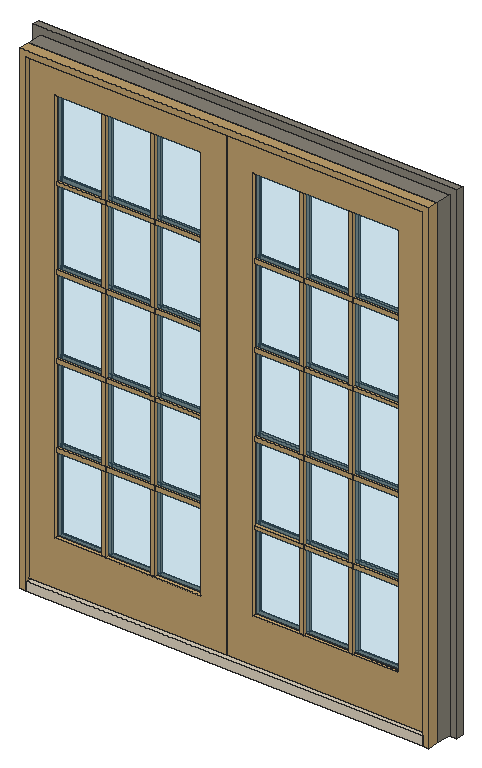
Revit family (continued)
Definition of nested family "Door_Plan_Detail"
  Dimensions and locks (in)
    aligned and locked: nested 2 to plane 3
    aligned and locked: nested 4 to plane 1 "Center (Front/Back)"
    aligned and locked: plane 1 "Center (Front/Back)" to nested 3
    aligned and locked: plane 7 to nested 4
    aligned and locked: plane 3 to nested 3
    aligned and locked: plane 7 to nested 6
    aligned and locked: nested 6 to plane 1 "Center (Front/Back)"
    aligned and locked: plane 3 to nested 5
    aligned and locked: plane 1 "Center (Front/Back)" to nested 5
    aligned and locked: Masking region 1 sketch curve to plane 5
    aligned and locked: Masking region 1 sketch curve to plane 3
    aligned and locked: Masking region 2 sketch curve to plane 6
    aligned and locked: Masking region 2 sketch curve to plane 7
    aligned and locked: Masking region 2 to Masking region 1 sketch curve
    aligned and locked: Masking region 1 sketch curve to Masking region 2
    aligned and locked: nested 7 to plane 5
    aligned and locked: plane 4 to nested 7
    aligned and locked: nested 8 to plane 6
    aligned and locked: nested 8 to plane 4
    aligned and locked: nested 9 to plane 5
    aligned and locked: nested 9 to plane 4
  Automatic sketch dimensions
    Masking region 2 sketch curve to plane 7 = 0' - 0"
  Nested families (in)
    nested 1: "Jamb_Detail" at (-90.5625, -3.9375, 0), type "Jamb_Detail", in view "Ref. Level", detail levels fine
    nested 2: "Jamb_Detail" at (-17.9375, -3.9375, 0) x (-1, 0, 0) z (0, 0, 1), type "Jamb_Detail", in view "Ref. Level", detail levels fine
    nested 3: "Flat_Casing_Detail" at (-17.9375, -3.9375, 0) x (0, 1, 0) z (0, 0, 1), visible <- "Flat Casing", type "Flat_Casing_Detail", in view "Ref. Level", detail levels fine
    nested 4: "Flat_Casing_Detail" at (-90.5625, -3.9375, 0) x (0, 1, 0) z (0, 0, 1), visible <- "Flat Casing", type "Flat_Casing_Detail", in view "Ref. Level", detail levels fine
    nested 5: "BMC_Detail" at (-17.9375, -3.9375, 0) x (0, 1, 0) z (0, 0, 1), visible <- "BMC", type "BMC_Detail", in view "Ref. Level", detail levels fine
    nested 6: "BMC_Detail" at (-90.5625, -3.9375, 0) x (0, 1, 0) z (0, 0, 1), visible <- "BMC", type "BMC_Detail", in view "Ref. Level", detail levels fine
    nested 7: "Panel_Swing_Detail" at (0, 0, 0), Swing Angle <- "P1_LH Swing", Mtg Stile <- "P1_LH Astragal", visible <- "P1_LH", type "Door_Plan_Detail", in view "Ref. Level"
      with Swing Visibility yes, Swing Constraint 90.00°, Swing Angle 90.00°, Mtg Stile no
    nested 8: "Panel_Swing_Detail" at (-108.5, 0, 0) x (-1, 0, 0) z (0, 0, 1), Swing Angle <- "P2_Swing", Mtg Stile <- "P2_RH Astragal", type "Door_Plan_Detail", in view "Ref. Level"
      with Swing Visibility yes, Swing Constraint 90.00°, Swing Angle 90.00°, Mtg Stile yes
    nested 9: "Panel_Swing_Detail" at (-73.3125, 0, 0) x (-1, 0, 0) z (0, 0, 1), Swing Angle <- "P1_RH Swing", visible <- "P1_RH", type "Door_Plan_Detail", in view "Ref. Level"
      with Swing Visibility yes, Swing Constraint 90.00°, Swing Angle 90.00°, Mtg Stile no
  Definition of nested family "Jamb_Detail"
    Parameters (values of type "Jamb_Detail")
      Flange Visibility = no
      Assembly Code = ""
    Reference planes (in)
      plane 1 "Center (Front/Back)": y = 0
      plane 2: z = 0
      plane 3 "Center (Left/Right)": x = 0
    Lines and regions (in)
      Masking region 1, in view "Ref. Level"
        outline origin (0, 0, 0) x (1, 0, 0) y (0, 1, 0)
          loop
            line (0, 1.09375) -> (0, -4.5625) -> (1.06374, -4.5625) -> (1.06374, -2.18631) -> (1.77792, -2.18631)
            arc (1.77792, -2.18631) -> (1.63018, -0.9546) -> (1.51551, 0.28062) r 46.27589
            line (1.51551, 0.28062) -> (0.93767, 0.28062) -> (0.93767, 0.3871) -> (0.67848, 0.3871) -> (0.67848, 1.09375) -> (0, 1.09375)
      detail lines, style "Cut Lines", in view "Ref. Level", visible <- "Flange Visibility"
        curve 1: line (0, 0.045, 0) -> (-1.49897, 0.045, 0)
        curve 2: line (-0.155, 0, 0) -> (-1.49897, 0, 0)
        curve 3: line (-0.155, 0, 0) -> (-0.155, -0.11, 0)
        curve 4: line (0, -0.11, 0) -> (-0.155, -0.11, 0)
        curve 5: line (-1.49897, 0, 0) -> (-1.49897, 0.045, 0)
  Definition of nested family "Flat_Casing_Detail"
    Parameters (values of type "Flat_Casing_Detail")
      Assembly Code = ""
    Reference planes (in)
      plane 1 "Center (Front/Back)": y = 0
      plane 2: z = 0
      plane 3 "Center (Left/Right)": x = 0
    Lines and regions (in)
      detail lines, style "Cut Lines", in view "Ref. Level"
        curve 1: line (-1.09375, 3, 0) -> (0, 3, 0)
        curve 2: line (0, 0, 0) -> (-1.09375, 0, 0)
        curve 3: line (-1.09375, 0, 0) -> (-1.09375, 3, 0)
        curve 4: line (0, 0, 0) -> (0, 3, 0)
  Definition of nested family "BMC_Detail"
    Parameters (values of type "BMC_Detail")
      Assembly Code = ""
    Reference planes (in)
      plane 1 "Center (Front/Back)": y = 0
      plane 2: z = 0
      plane 3 "Center (Left/Right)": x = 0
    Lines and regions (in)
      detail lines, style "Cut Lines", in view "Ref. Level"
        curve 1: line (-1.25, 0.71589, 0) -> (-1.25, 1.3125, 0)
        curve 2: line (-1.25, 1.3125, 0) -> (0, 1.3125, 0)
        curve 3: line (0, 0, 0) -> (-1.09375, 0, 0)
        curve 4: line (-1.09375, 0, 0) -> (-1.09375, 0.38081, 0)
        curve 5: line (-1.09375, 0.38081, 0) -> (-1.25, 0.71589, 0)
        curve 6: line (0, 0, 0) -> (0, 1.3125, 0)
  Definition of nested family "Panel_Swing_Detail"
    Parameters (values of type "Door_Plan_Detail")
      Swing Visibility [instance] = not(Swing Angle < 3.00°)  # yes
      Swing Constraint [instance] = if(Swing Angle < 3.00°, 3.00°, Swing Angle)  # 90.00°
      Swing Angle [instance] = 90.00°
      Panel Width = 2' - 11 1/16"
      Mtg Stile [instance] = yes
      Assembly Code = ""
    Reference planes (in)
      plane 1: z = 0
      plane 2: y = 0.09375
      plane 3: x = -19.125
      plane 4: x = -54.1875
    Lines and regions (in)
      reference lines, in view "Ref. Level"
        curve 1: line (-19.125, 0.09375, 0) -> (-19.125, 35.15625, 0)
      detail lines, style "InvisibleLines", in view "Ref. Level", not visible
        curve 2: line (-19.125, 0.09375, 0) -> (-19.125, 35.15625, 0)
      detail lines, in view "Ref. Level", visible <- "Swing Visibility"
        curve 3: arc (-54.1875, 0.09375, 0) -> (-43.91793, 24.88668, 0) -> (-19.125, 35.15625, 0) r 35.0625
    Dimensions and locks (in)
      "Panel Width": curve 1 to curve 1
      "Panel Width": plane 4 to plane 3
      "Panel Width": curve 1 to curve 2
      "Swing Angle": angle nested 1 to plane 2
      "Swing Constraint": angle curve 1 to plane 2
      aligned and locked: plane 2 to curve 1
      aligned and locked: plane 3 to curve 1
      aligned and locked: curve 2 to curve 1  (x2)
      aligned and locked: plane 2 to curve 3
    Automatic sketch dimensions
      curve 3 to plane 4 = 0' - 0"
      curve 2 to plane 2 = 0' - 0"
    Nested families (in)
      nested 1: "Panel_Detail" at (-19.125, 0.09375, 0) x (0, -1, 0) z (0, 0, 1), Mtg Stile <- "Mtg Stile", type "Panel_Detail", in view "Ref. Level"
    Definition of nested family "Panel_Detail"
      Parameters (values of type "Panel_Detail")
        Panel Width = 2' - 11 1/16"
        Mtg Stile [instance] = yes
        Assembly Code = ""
      Reference planes (in)
        plane 1 "Center (Front/Back)": y = 0
        plane 2: z = 0
        plane 3 "Right": x = 0
        plane 4 "Left": x = -35.0625
      Lines and regions (in)
        Masking region 1, in view "Ref. Level", detail levels coarse+medium
          outline origin (0, 0, 0) x (1, 0, 0) y (0, 1, 0)
            loop
              line (-35.0625, 0) -> (-35.0625, -1.75) -> (0, -1.75) -> (0, 0) -> (-35.0625, 0)
        detail lines, style "Cut Lines", in view "Ref. Level", detail levels fine
          curve 1: line (-30.97475, -1.26859, 0) -> (-4.08775, -1.26859, 0)
          curve 2: line (-30.97475, -1.14359, 0) -> (-4.08775, -1.14359, 0)
          curve 3: line (-30.97475, -0.64359, 0) -> (-4.08775, -0.64359, 0)
          curve 4: line (-30.97475, -0.51859, 0) -> (-4.08775, -0.51859, 0)
      Dimensions and locks (in)
        "Panel Width": plane 4 "Left" to plane 3 "Right"
        locked: Masking region 1 sketch curve to plane 1 "Center (Front/Back)" at 1.75
        locked: nested 1 to plane 1 "Center (Front/Back)" at 1.75
        locked: nested 3 to plane 1 "Center (Front/Back)" at 1.75
        locked: nested 2 to plane 1 "Center (Front/Back)" at 1.75
        aligned and locked: plane 1 "Center (Front/Back)" to Masking region 1 sketch curve
        aligned and locked: Masking region 1 sketch curve to plane 4 "Left"
        aligned and locked: Masking region 1 sketch curve to plane 3 "Right"
        aligned and locked: plane 4 "Left" to nested 1
        aligned and locked: nested 2 to plane 3 "Right"
        aligned and locked: plane 4 "Left" to nested 3
      Automatic sketch dimensions
        plane 1 "Center (Front/Back)" to curve 4 = 0' - 0.51859"
        curve 4 to plane 4 "Left" = 0' - 4.08775"
        curve 2 to curve 4 = 0' - 0"
        curve 3 to curve 4 = 0' - 0"
        curve 1 to curve 2 = 0' - 0"  (x2)
        plane 1 "Center (Front/Back)" to curve 3 = 0' - 0.64359"
        curve 3 to plane 3 "Right" = 0' - 4.08775"
        curve 2 to curve 3 = 0' - 0"
        curve 4 to curve 3 = 0' - 0"
        curve 2 to curve 3 = 0' - 0 1/2"
        curve 1 to curve 2 = 0' - 0 1/8"
      Nested families (in)
        nested 1: "Mtg_Stile_Detail" at (-35.0625, -1.75, 0), visible <- "Mtg Stile", type "Stile_Detail", in view "Ref. Level", detail levels fine
        nested 2: "Stile_Detail" at (0, -1.75, 0), type "Stile_Detail", in view "Ref. Level", detail levels fine
        nested 3: "Stile_Detail" at (-35.0625, -1.75, 0) x (-1, 0, 0) z (0, 0, 1), type "Stile_Detail", in view "Ref. Level", detail levels fine
      Definition of nested family "Mtg_Stile_Detail"
        Parameters (values of type "Stile_Detail")
          Assembly Code = ""
        Reference planes (in)
          plane 1 "Center (Front/Back)": y = 0
          plane 2: z = 0
          plane 3 "Center (Left/Right)": x = 0
        Lines and regions (in)
          Masking region 1, in view "Ref. Level"
            outline origin (0, 0, 0) x (0, 1, 0) y (-1, 0, 0)
              loop
                line (0, 0.71385) -> (0, -1.07915) -> (0.9773, -0.97643) -> (1.15549, -0.73983) -> (1.594, -0.62233) -> (1.594, 0.25704) -> (1.13979, 0.37874) -> (0.9637, 0.61256) -> (0, 0.71385)
      Definition of nested family "Stile_Detail"
        Parameters (values of type "Stile_Detail")
          Assembly Code = ""
        Reference planes (in)
          plane 1 "Center (Front/Back)": y = 0
          plane 2: z = 0
          plane 3 "Center (Left/Right)": x = 0
        Lines and regions (in)
          Masking region 1, in view "Ref. Level"
            outline origin (0, 0, 0) x (1, 0, 0) y (0, 1, 0)
              loop
                line (0, -1.75) -> (0, 0) -> (-4.54196, 0) -> (-4.54196, -0.17227) -> (-4.75, -0.38031) -> (-4.75, -0.4375) -> (-4.02516, -0.4375) -> (-4.02516, -1.26261) -> (-4.75, -1.26261) -> (-4.75, -1.40858) -> (-4.55291, -1.75) -> (0, -1.75)
          detail lines, style "Cut Lines", in view "Ref. Level"
            curve 1: line (-4.08775, -0.48141, 0) -> (-4.08775, -0.60641, 0)
            curve 2: line (-4.21275, -1.10641, 0) -> (-4.21275, -0.60641, 0)
            curve 3: line (-4.46275, -1.10641, 0) -> (-4.46275, -0.60641, 0)
            curve 4: line (-4.08775, -1.10641, 0) -> (-4.08775, -1.23141, 0)
